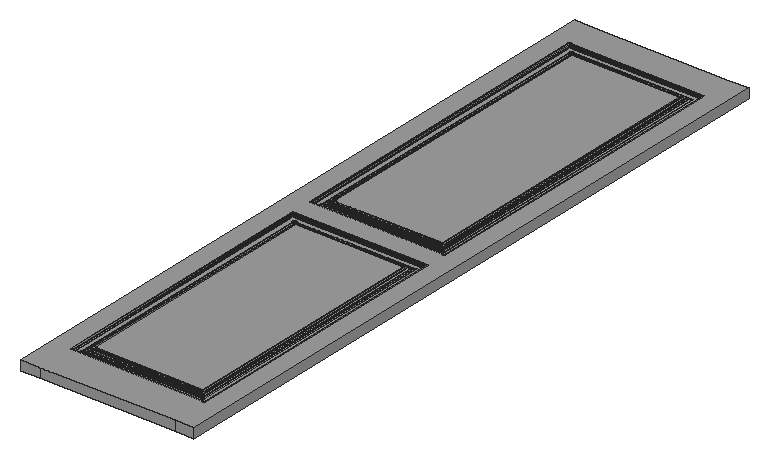
Revit family "Raised Panel standard", category Generic Models, Revit 2017
Family settings
  Can host rebar = No
  Round Connector Dimension = Use Diameter
  Part Type = Normal
  Work Plane-Based = Yes
  Always vertical = No
  Cut with Voids When Loaded = No
  Shared = No
  Room Calculation Point = No
Parameters
  Type Comments = "****All shutter dimensions and configurations to be approved by NHSI****"
  Top Rail = 0' - 3 1/4"
  Shutter Width = 1' - 6"
  Website = ""
  URL = "www.newhorizonshutters.com"
  Shutter Thickness = 0' - 1"
  Model = "Raised Panel Bi-Panel"
  Manufacturer = "New Horizon Shutters"
  Shutter Height = 6' - 0"
  Finish Color = Default
  Default Elevation = 4' - 0"
  Mid Rail Height = 2' - 10"
  Mid Rail = 0' - 2 1/4"
  Bottom Rail = 0' - 4"
Reference planes (in)
  plane 1 "Center (Front/Back)": y = 0
  plane 2: z = 0
  plane 3 "Center (Left/Right)": x = 0
  plane 4: x = -9
  plane 5: y = 36
  plane 6: y = -36
  plane 7 "Y - axis_2": x = 9
  plane 8: z = 1
  plane 9: y = 32.75
  plane 10: y = -32
  plane 11 "Center_Rail_Datum": y = -2
  plane 12: z = 0.625
Forms (in)
  Extrusion 1, solid, material "Default" <- "Finish Color"
    sketch origin (0, 0, 0) x (1, 0, 0) y (0, 1, 0)
      loop
        line (-9, -36) -> (-7, -36) -> (7, -36) -> (9, -36) -> (9, 36) -> (7, 36) -> (-7, 36) -> (-9, 36) -> (-9, -36)
      loop
        line (-7, -3.125) -> (-7, -32) -> (7, -32) -> (7, -3.125) -> (-7, -3.125)
      loop
        line (7, 32.75) -> (-7, 32.75) -> (-7, -0.875) -> (7, -0.875) -> (7, 32.75)
    from 0 to 1
  Sweep 2, solid, material "Default" <- "Finish Color"
    path in 3D
      loop
        line (7, -0.875, 1) -> (-7, -0.875, 1) -> (-7, 32.75, 1) -> (7, 32.75, 1) -> (7, -0.875, 1)
    profile origin (7, 15.9375, 1) x (1, 0, 0) y (0, 0, 1)
      loop
        line (-1.37752, 0) -> (-1.37752, -0.625) -> (0, -0.625) -> (0, 0)
        arc (0, 0) -> (-0.02504, -0.01378) -> (-0.04104, -0.03746) r 0.06091
        arc (-0.04104, -0.03746) -> (-0.04628, -0.0548) -> (-0.04928, -0.07267) r 0.14219
        arc (-0.04928, -0.07267) -> (-0.05171, -0.09346) -> (-0.05472, -0.11416) r 0.74503
        arc (-0.05472, -0.11416) -> (-0.05996, -0.14893) -> (-0.06674, -0.18344) r 0.79069
        arc (-0.06674, -0.18344) -> (-0.07486, -0.21112) -> (-0.08675, -0.23741) r 0.20791
        arc (-0.08675, -0.23741) -> (-0.10165, -0.25791) -> (-0.12147, -0.2737) r 0.09437
        arc (-0.12147, -0.2737) -> (-0.1457, -0.28741) -> (-0.17052, -0.3) r 0.6066
        line (-0.17052, -0.3) -> (-0.62752, -0.3)
        arc (-0.62752, -0.3) -> (-0.64208, -0.29496) -> (-0.65681, -0.29049) r 0.40453
        arc (-0.65681, -0.29049) -> (-0.67266, -0.28638) -> (-0.68869, -0.283) r 0.36191
        line (-0.68869, -0.283) -> (-0.75912, -0.24542)
        arc (-0.75912, -0.24542) -> (-0.78951, -0.24115) -> (-0.82014, -0.2391) r 0.42091
        arc (-0.82014, -0.2391) -> (-0.89256, -0.23551) -> (-0.9648, -0.22914) r 1.88003
        arc (-0.9648, -0.22914) -> (-1.00444, -0.22264) -> (-1.04313, -0.21183) r 0.36506
        arc (-1.04313, -0.21183) -> (-1.05886, -0.20433) -> (-1.07242, -0.19338) r 0.07449
        arc (-1.07242, -0.19338) -> (-1.09569, -0.17614) -> (-1.12317, -0.16702) r 0.0916
        arc (-1.12317, -0.16702) -> (-1.14278, -0.16417) -> (-1.16247, -0.16199) r 0.5759
        arc (-1.16247, -0.16199) -> (-1.18273, -0.15909) -> (-1.20261, -0.15422) r 0.20782
        arc (-1.20261, -0.15422) -> (-1.23665, -0.13494) -> (-1.25889, -0.10277) r 0.08751
        arc (-1.25889, -0.10277) -> (-1.26838, -0.08102) -> (-1.27928, -0.05995) r 0.36482
        arc (-1.27928, -0.05995) -> (-1.32053, -0.01708) -> (-1.37752, 0) r 0.11715
  Sweep 3, solid, material "Default" <- "Finish Color"
    path in 3D
      loop
        line (7, -32, 1) -> (-7, -32, 1) -> (-7, -3.125, 1) -> (7, -3.125, 1) -> (7, -32, 1)
    profile origin (7, -17.5625, 1) x (1, 0, 0) y (0, 0, 1)
      loop
        arc (-0.04103, -0.03763) -> (-0.04627, -0.05498) -> (-0.04927, -0.07285) r 0.14219
        arc (-0.04927, -0.07285) -> (-0.0517, -0.09363) -> (-0.05471, -0.11434) r 0.74503
        arc (-0.05471, -0.11434) -> (-0.05994, -0.14911) -> (-0.06672, -0.18361) r 0.79069
        arc (-0.06672, -0.18361) -> (-0.07485, -0.21129) -> (-0.08673, -0.23758) r 0.20791
        arc (-0.08673, -0.23758) -> (-0.10164, -0.25808) -> (-0.12146, -0.27388) r 0.09437
        arc (-0.12146, -0.27388) -> (-0.14568, -0.28759) -> (-0.17051, -0.30018) r 0.6066
        line (-0.17051, -0.30018) -> (-0.62751, -0.30018)
        arc (-0.62751, -0.30018) -> (-0.64206, -0.29514) -> (-0.6568, -0.29066) r 0.40453
        arc (-0.6568, -0.29066) -> (-0.67265, -0.28656) -> (-0.68867, -0.28318) r 0.36191
        line (-0.68867, -0.28318) -> (-0.7591, -0.24559)
        arc (-0.7591, -0.24559) -> (-0.7895, -0.24132) -> (-0.82012, -0.23928) r 0.42091
        arc (-0.82012, -0.23928) -> (-0.89255, -0.23569) -> (-0.96478, -0.22931) r 1.88003
        arc (-0.96478, -0.22931) -> (-1.00442, -0.22282) -> (-1.04311, -0.21201) r 0.36506
        arc (-1.04311, -0.21201) -> (-1.05885, -0.20451) -> (-1.07241, -0.19356) r 0.07449
        arc (-1.07241, -0.19356) -> (-1.09567, -0.17631) -> (-1.12315, -0.16719) r 0.0916
        arc (-1.12315, -0.16719) -> (-1.14276, -0.16434) -> (-1.16246, -0.16217) r 0.5759
        arc (-1.16246, -0.16217) -> (-1.18272, -0.15927) -> (-1.2026, -0.15439) r 0.20782
        arc (-1.2026, -0.15439) -> (-1.23663, -0.13512) -> (-1.25887, -0.10294) r 0.08751
        arc (-1.25887, -0.10294) -> (-1.26837, -0.0812) -> (-1.27926, -0.06012) r 0.36482
        arc (-1.27926, -0.06012) -> (-1.32051, -0.01725) -> (-1.37751, -0.00018) r 0.11715
        line (-1.37751, -0.00018) -> (-1.37751, -0.62518) -> (0.00001, -0.62518) -> (0.00001, -0.00018)
        arc (0.00001, -0.00018) -> (-0.02503, -0.01395) -> (-0.04103, -0.03763) r 0.06091
  Extrusion 4, solid, material "Default" <- "Finish Color"
    sketch origin (0, 0, 0) x (1, 0, 0) y (0, 1, 0)
      loop
        line (-5.62248, 0.50252) -> (5.62248, 0.50252) -> (5.62248, 31.37248) -> (-5.62248, 31.37248) -> (-5.62248, 0.50252)
      loop
        line (-5.62249, -30.62249) -> (5.62249, -30.62249) -> (5.62249, -4.50249) -> (-5.62249, -4.50249) -> (-5.62249, -30.62249)
    from 0.625 to 1
  Extrusion 5, solid, material "Default" <- "Finish Color"
    sketch origin (0, 0, 0) x (1, 0, 0) y (0, 1, 0)
      loop
        line (-7.00002, 32.75001) -> (-7.00002, -0.87501) -> (7.00002, -0.87501) -> (7.00002, 32.75001) -> (-7.00002, 32.75001)
      loop
        line (-7.00003, -3.12497) -> (-7.00003, -32.00003) -> (7.00003, -32.00003) -> (7.00003, -3.12497) -> (-7.00003, -3.12497)
    from 0 to 0.625
Lines and regions (in)
  sketch lines
    curve 1: line (7, 32.75, 1) -> (7, -0.875, 1)
    curve 2: line (-7, 32.75, 1) -> (7, 32.75, 1)
    curve 3: line (-7, -0.875, 1) -> (-7, 32.75, 1)
    curve 4: line (7, -0.875, 1) -> (-7, -0.875, 1)
    curve 5: line (7, -3.125, 1) -> (7, -32, 1)
    curve 6: line (-7, -3.125, 1) -> (7, -3.125, 1)
    curve 7: line (-7, -32, 1) -> (-7, -3.125, 1)
    curve 8: line (7, -32, 1) -> (-7, -32, 1)
Dimensions and locks (in)
  equal spacing: plane 5, plane 1 "Center (Front/Back)", plane 6
  "Shutter Height": plane 5 to plane 6
  equal spacing: plane 4, plane 3 "Center (Left/Right)", plane 7 "Y - axis_2"
  "Shutter Width": plane 4 to plane 7 "Y - axis_2"
  "Shutter Thickness": plane 8 to level
  "Top Rail": plane 5 to plane 9
  "Bottom Rail": plane 10 to plane 6
  locked: Extrusion 1 sketch curve to Extrusion 1 sketch curve at 2  (x2)
  "Mid Rail Height": plane 11 "Center_Rail_Datum" to plane 6
  equal spacing: Extrusion 1 sketch curve, plane 11 "Center_Rail_Datum", Extrusion 1 sketch curve
  "Mid Rail": Extrusion 1 sketch curve to Extrusion 1 sketch curve
  aligned and locked: plane 2 to level
  aligned and locked: Extrusion 1 sketch curve to plane 5
  aligned and locked: plane 9 to Extrusion 1 sketch curve
  aligned and locked: plane 6 to Extrusion 1 sketch curve
  aligned and locked: plane 4 to Extrusion 1 sketch curve
  aligned and locked: plane 7 "Y - axis_2" to Extrusion 1 sketch curve
  aligned and locked: plane 8 to Extrusion 1
  aligned and locked: Extrusion 1 sketch curve to Extrusion 1 sketch curve  (x2)
  aligned and locked: Extrusion 4 sketch curve to Sweep 2  (x4)
  aligned and locked: Extrusion 4 sketch curve to Sweep 3  (x4)
  aligned and locked: plane 8 to Extrusion 4
  aligned and locked: Extrusion 4 to plane 12
  aligned and locked: Extrusion 5 sketch curve to Sweep 2  (x4)
  aligned and locked: Extrusion 5 sketch curve to Sweep 3  (x4)
  aligned and locked: plane 12 to Extrusion 5
  aligned and locked: Extrusion 5 to level
Automatic sketch dimensions
  Sweep 2 sketch curve to profile plane = 0' - 0"  (x2)
  profile plane to Sweep 2 sketch curve = 0' - 0"
  profile plane to Sweep 2 sketch curve = 0' - 0.16984"
  Sweep 2 sketch curve to Sweep 2 sketch curve = 0' - 0.00069"
  Sweep 2 sketch curve to Sweep 2 sketch curve = 0' - 0.09997"
  Sweep 2 sketch curve to Sweep 2 sketch curve = 0' - 0.16253"
  Sweep 2 sketch curve to Sweep 2 sketch curve = 0' - 0.35771"
  Sweep 2 sketch curve to Sweep 2 sketch curve = 0' - 0.1279"
  profile plane to Sweep 2 sketch curve = 0' - 0.76337"
  Sweep 2 sketch curve to Sweep 2 sketch curve = 0' - 0.01161"
  profile plane to Sweep 2 sketch curve = 0' - 0.00344"
  Sweep 2 sketch curve to Sweep 2 sketch curve = 0' - 0.16289"
  Sweep 2 sketch curve to Sweep 2 sketch curve = 0' - 0.06582"
  Sweep 2 sketch curve to profile plane = 0' - 0.01383"
  Sweep 2 sketch curve to Sweep 2 sketch curve = 0' - 0.04861"
  Sweep 2 sketch curve to Sweep 2 sketch curve = 0' - 0.08666"
  Sweep 2 sketch curve to Sweep 2 sketch curve = 0' - 0.18014"
  Sweep 2 sketch curve to Sweep 2 sketch curve = 0' - 0.11875"
  profile plane to Sweep 2 sketch curve = 0' - 0.04493"
  Sweep 2 sketch curve to Sweep 2 sketch curve = 0' - 0.12405"
  Sweep 2 sketch curve to profile plane = 0' - 0.07036"
  Sweep 2 sketch curve to Sweep 2 sketch curve = 0' - 0.03439"
  Sweep 2 sketch curve to Sweep 2 sketch curve = 0' - 0.38301"
  Sweep 2 sketch curve to Sweep 2 sketch curve = 0' - 0.16167"
  Sweep 2 sketch curve to Sweep 2 sketch curve = 0' - 0.00403"
  Sweep 2 sketch curve to Sweep 2 sketch curve = 0' - 0.21621"
  Sweep 2 sketch curve to profile plane = 0' - 0.01602"
  Sweep 2 sketch curve to Sweep 2 sketch curve = 0' - 0.07615"
  Sweep 2 sketch curve to profile plane = 0' - 0.0872"
  Sweep 2 sketch curve to profile plane = 0' - 0.11708"
  Sweep 2 sketch curve to profile plane = 0' - 0.13884"
  Sweep 2 sketch curve to profile plane = 0' - 0.1413"
  Sweep 2 sketch curve to Sweep 2 sketch curve = 0' - 0.05383"
  Sweep 2 sketch curve to profile plane = 0' - 0.23787"
  Sweep 2 sketch curve to Sweep 2 sketch curve = 0' - 0.11612"
  Sweep 2 sketch curve to profile plane = 0' - 0.3"
  Sweep 2 sketch curve to Sweep 2 sketch curve = 0' - 0.325"
  Sweep 2 sketch curve to Sweep 2 sketch curve = 0' - 0.02111"
  Sweep 2 sketch curve to Sweep 2 sketch curve = 0' - 0.04101"
  Sweep 2 sketch curve to Sweep 2 sketch curve = 0' - 0.11042"
  Sweep 2 sketch curve to profile plane = 0' - 0.05876"
  profile plane to Sweep 2 sketch curve = 0' - 0.13382"
  profile plane to Sweep 2 sketch curve = 0' - 0.24719"
  Sweep 2 sketch curve to Sweep 2 sketch curve = 0' - 0"  (x13)
  Sweep 2 sketch curve to Sweep 2 sketch curve = 0' - 0.00544"
  Sweep 2 sketch curve to profile plane = 0' - 0.283"
  Sweep 2 sketch curve to Sweep 2 sketch curve = 0' - 0.03187"
  Sweep 2 sketch curve to Sweep 2 sketch curve = 0' - 0.07043"
  Sweep 2 sketch curve to profile plane = 0' - 0.24542"
  Sweep 2 sketch curve to Sweep 2 sketch curve = 0' - 0.06102"
  Sweep 3 sketch curve to profile plane = 0' - 0.23805"
  Sweep 3 sketch curve to profile plane = 0' - 0.11726"
  Sweep 3 sketch curve to Sweep 3 sketch curve = 0' - 0.21621"
  Sweep 3 sketch curve to Sweep 3 sketch curve = 0' - 0.22024"
  Sweep 3 sketch curve to Sweep 3 sketch curve = 0' - 0.16167"
  Sweep 3 sketch curve to profile plane = 0' - 0.07053"
  Sweep 3 sketch curve to Sweep 3 sketch curve = 0' - 0.20395"
  profile plane to Sweep 3 sketch curve = 0' - 0.04476"
  Sweep 3 sketch curve to Sweep 3 sketch curve = 0' - 0.03439"
  Sweep 3 sketch curve to Sweep 3 sketch curve = 0' - 0.03969"
  Sweep 3 sketch curve to Sweep 3 sketch curve = 0' - 0.11875"
  profile plane to Sweep 3 sketch curve = 0' - 0.13364"
  Sweep 3 sketch curve to Sweep 3 sketch curve = 0' - 0.21753"
  Sweep 3 sketch curve to profile plane = 0' - 0.01401"
  Sweep 3 sketch curve to Sweep 3 sketch curve = 0' - 0.08666"
  profile plane to Sweep 3 sketch curve = 0' - 0.00326"
  Sweep 3 sketch curve to Sweep 3 sketch curve = 0' - 0.04861"
  Sweep 3 sketch curve to Sweep 3 sketch curve = 0' - 0.06582"
  profile plane to Sweep 3 sketch curve = 0' - 0.76335"
  Sweep 3 sketch curve to Sweep 3 sketch curve = 0' - 0.01161"
  Sweep 3 sketch curve to Sweep 3 sketch curve = 0' - 0.16289"
  profile plane to Sweep 3 sketch curve = 0' - 0.43232"
  Sweep 3 sketch curve to profile plane = 0' - 0.13901"
  profile plane to Sweep 3 sketch curve = 0' - 0.2698"
  profile plane to Sweep 3 sketch curve = 0' - 0.17051"
  Sweep 3 sketch curve to Sweep 3 sketch curve = 0' - 0.00069"
  Sweep 3 sketch curve to profile plane = 0' - 0"
  Sweep 3 sketch curve to profile plane = 0' - 0.01603"
  Sweep 3 sketch curve to Sweep 3 sketch curve = 0' - 0.07615"
  Sweep 3 sketch curve to Sweep 3 sketch curve = 0' - 0.18707"
  Sweep 3 sketch curve to profile plane = 0' - 0.30018"
  Sweep 3 sketch curve to Sweep 3 sketch curve = 0' - 0.36758"
  Sweep 3 sketch curve to Sweep 3 sketch curve = 0' - 0.3387"
  Sweep 3 sketch curve to Sweep 3 sketch curve = 0' - 0.02111"
  Sweep 3 sketch curve to Sweep 3 sketch curve = 0' - 0.04101"
  Sweep 3 sketch curve to Sweep 3 sketch curve = 0' - 0.11042"
  Sweep 3 sketch curve to Sweep 3 sketch curve = 0' - 0.10733"
  Sweep 3 sketch curve to profile plane = 0' - 0.14148"
  Sweep 3 sketch curve to profile plane = 0' - 0.08737"
  Sweep 3 sketch curve to profile plane = 0' - 0.05894"
  Sweep 3 sketch curve to profile plane = 0' - 0.00018"  (x2)
  profile plane to Sweep 3 sketch curve = 0' - 0.24702"
  Sweep 3 sketch curve to Sweep 3 sketch curve = 0' - 1.39288"
  Sweep 3 sketch curve to Sweep 3 sketch curve = 0' - 0"  (x14)
  Sweep 3 sketch curve to profile plane = 0' - 0.24559"
  Sweep 3 sketch curve to Sweep 3 sketch curve = 0' - 0.06102"
  Sweep 3 sketch curve to Sweep 3 sketch curve = 0' - 0.03187"
  Sweep 3 sketch curve to profile plane = 0' - 0.28318"
  profile plane to Sweep 3 sketch curve = 0' - 0.05471"
  Extrusion 1 sketch curve to plane 10 = 0' - 0"
  Extrusion 1 sketch curve to Extrusion 1 sketch curve = 0' - 2"  (x2)
  plane 4 to Extrusion 1 sketch curve = 0' - 2"
  Extrusion 1 sketch curve to plane 7 "Y - axis_2" = 0' - 2"
